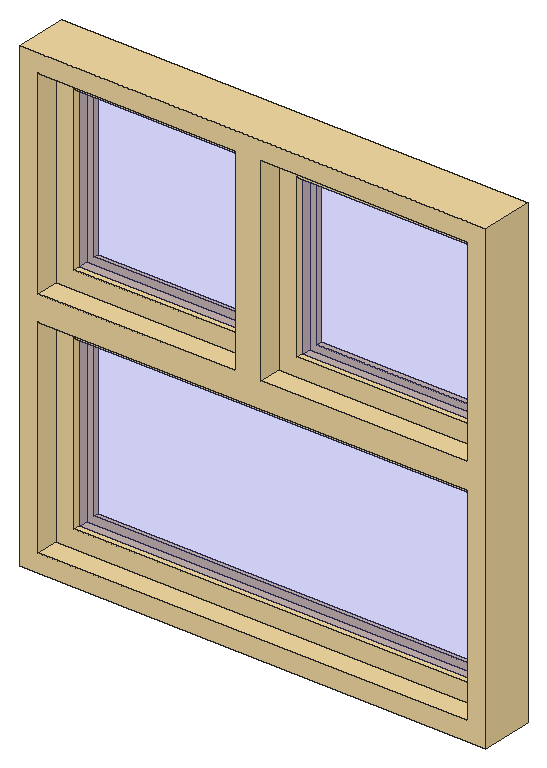
Revit family "9716-COto 62", category Windows, host Wall, Revit 2016
Family settings
  Host = Wall
  OmniClass Number = 23.30.20.00
  OmniClass Title = Windows
  Always vertical = Yes
  Cut with Voids When Loaded = No
  Shared = No
  Room Calculation Point = No
Parameters (values of type "1188x1188mm")
  top 3 [instance] = yes
  top 2 [instance] = yes
  top 1 [instance] = yes
  right 2 [instance] = no
  right 1 [instance] = no
  right 3 [instance] = no
  left 3 [instance] = no
  left 2 [instance] = no
  left 1 [instance] = no
  Sash 3 [instance] = or(top 3, right 3, left 3)  # yes
  Sash 2 [instance] = or(top 2, right 2, left 2)  # yes
  Sash 1 [instance] = or(top 1, right 1, left 1)  # yes
  Rough Width = Width + 2 * Joint  # 1212 mm
  Rough Height = Height + 2 * Joint  # 1212 mm
  Offset from wall = 40 mm
  Mullion 2 Placement = 594 mm
  Mullion 1 Placement = 594 mm
  Manufacturer = "www.kronevinduer.dk"
  Joint = 12 mm
  Height = 1188 mm
  Frame 176mm [instance] = no
  Frame 157mm [instance] = no
  Default Sill Height = 800 mm
  Wall Closure = By host
  Width = 1188 mm
Reference planes
  plane 1 "Center (Front/Back)": y = 0
  plane 2 "Center (Left/Right)": x = 0
  plane 3 "Left": x = -594
  plane 4 "Right": x = 594
  plane 5 "Sill": z = 800
  plane 6 "Head": z = 1988
  plane 7 "Exterior": y = 100
  plane 8 "Interior": y = -100
  plane 9: y = 60
  plane 10: x = 582
  plane 11: x = -582
  plane 12: z = 812
  plane 13: z = 1976
  plane 14: x = -12
  plane 15: z = 1406
  plane 16: x = 285
  plane 17: x = -297
  plane 18: z = 1109
  plane 19: z = 1394
  plane 20: z = 1691
Forms (mm)
  Sweep 1, solid, material "Wood frame"
    path origin (0, 100, 0) x (1, 0, 0) y (0, 0, 1)
      loop
        line (582, 812) -> (582, 1976) -> (-582, 1976) -> (-582, 812) -> (582, 812)
    profile "COto 62 træ-alu,karm- fast glas 45mm : COto 62 træ-alu,karm- fast glas 45mm" origin (0, 100, 812) x (0, 0, -1) y (0, -1, 0)
      loop
        line (0, 170) -> (-45, 170) -> (-45, 99) -> (-27, 99) -> (-27, 51) -> (-45, 51) -> (-45, 40) -> (0, 40) -> (0, 170)
  Sweep 2, solid, material "Wood frame", visible <- "Frame 157mm"
    path origin (0, 100, 0) x (1, 0, 0) y (0, 0, 1)
      loop
        line (582, 812) -> (582, 1976) -> (-582, 1976) -> (-582, 812) -> (582, 812)
    profile "COto 62 træ-alu,karm- fast glas 45mm-157 : COto 62 træ-alu,karm- fast glas 45mm-157" origin (0, 100, 812) x (0, 0, -1) y (0, -1, 0)
      loop
        line (0, 197) -> (-45, 197) -> (-45, 99) -> (-27, 99) -> (-27, 51) -> (-45, 51) -> (-45, 40) -> (0, 40) -> (0, 197)
  Sweep 3, solid, material "Wood frame", visible <- "Frame 176mm"
    path origin (0, 100, 0) x (1, 0, 0) y (0, 0, 1)
      loop
        line (582, 812) -> (582, 1976) -> (-582, 1976) -> (-582, 812) -> (582, 812)
    profile "COto 62 træ-alu,karm- fast glas 45mm-176 : COto 62 træ-alu,karm- fast glas 45mm-176" origin (0, 100, 812) x (0, 0, -1) y (0, -1, 0)
      loop
        line (0, 216) -> (-45, 216) -> (-45, 99) -> (-27, 99) -> (-27, 51) -> (-45, 51) -> (-45, 40) -> (0, 40) -> (0, 216)
  Extrusion 4, solid, material "Glass"
    sketch origin (-594, 0, 0) x (0, -1, 0) y (0, 0, 1)
      loop
        line (-49, 839) -> (-1, 839) -> (-1, 1949) -> (-49, 1949) -> (-49, 839)
    from -1149 to -39
  Sweep 5, solid, material "Wood frame"
    path origin (0, 100, 0) x (1, 0, 0) y (0, 0, 1)
      loop
        line (582, 1406) -> (-582, 1406)
    profile "COto 62 træ-alu, Post-fast glas 63 mm : COto 62 træ-alu, Post-fast glas 63 mm" origin (0, 100, 1406) x (0, 0, -1) y (0, -1, 0)
      loop
        line (31.5, 170) -> (-31.5, 170) -> (-31.5, 99) -> (-13.5, 99) -> (-13.5, 51) -> (-31.5, 51) -> (-31.5, 40) -> (31.5, 40) -> (31.5, 51) -> (13.5, 51) -> (13.5, 99) -> (31.5, 99) -> (31.5, 170)
  Sweep 6, solid, material "Wood frame", visible <- "Frame 157mm"
    path origin (0, 100, 0) x (1, 0, 0) y (0, 0, 1)
      loop
        line (582, 1406) -> (-582, 1406)
    profile "COto 62 træ-alu, Post-fast glas 63 mm-157 : COto 62 træ-alu, Post-fast glas 63 mm-157" origin (0, 100, 1406) x (0, 0, -1) y (0, -1, 0)
      loop
        line (31.5, 197) -> (-31.5, 197) -> (-31.5, 99) -> (-13.5, 99) -> (-13.5, 51) -> (-31.5, 51) -> (-31.5, 40) -> (31.5, 40) -> (31.5, 51) -> (13.5, 51) -> (13.5, 99) -> (31.5, 99) -> (31.5, 197)
  Sweep 7, solid, material "Wood frame", visible <- "Frame 176mm"
    path origin (0, 100, 0) x (1, 0, 0) y (0, 0, 1)
      loop
        line (582, 1406) -> (-582, 1406)
    profile "COto 62 træ-alu, Post-fast glas 63 mm-176 : COto 62 træ-alu, Post-fast glas 63 mm-176" origin (0, 100, 1406) x (0, 0, -1) y (0, -1, 0)
      loop
        line (31.5, 216) -> (-31.5, 216) -> (-31.5, 99) -> (-13.5, 99) -> (-13.5, 51) -> (-31.5, 51) -> (-31.5, 40) -> (31.5, 40) -> (31.5, 51) -> (13.5, 51) -> (13.5, 99) -> (31.5, 99) -> (31.5, 216)
  Sweep 8, solid, material "Wood frame"
    path origin (0, 100, 0) x (1, 0, 0) y (0, 0, 1)
      loop
        line (-12, 1406) -> (-12, 1976)
    profile "COto 62 træ-alu, Post-fast glas 63 mm : COto 62 træ-alu, Post-fast glas 63 mm" origin (-12, 100, 1691) x (-1, 0, 0) y (0, -1, 0)
      loop
        line (31.5, 170) -> (-31.5, 170) -> (-31.5, 99) -> (-13.5, 99) -> (-13.5, 51) -> (-31.5, 51) -> (-31.5, 40) -> (31.5, 40) -> (31.5, 51) -> (13.5, 51) -> (13.5, 99) -> (31.5, 99) -> (31.5, 170)
  Sweep 9, solid, material "Wood frame", visible <- "Frame 157mm"
    path origin (0, 100, 0) x (1, 0, 0) y (0, 0, 1)
      loop
        line (-12, 1976) -> (-12, 1406)
    profile "COto 62 træ-alu, Post-fast glas 63 mm-157 : COto 62 træ-alu, Post-fast glas 63 mm-157" origin (-12, 100, 1691) x (1, 0, 0) y (0, -1, 0)
      loop
        line (31.5, 197) -> (-31.5, 197) -> (-31.5, 99) -> (-13.5, 99) -> (-13.5, 51) -> (-31.5, 51) -> (-31.5, 40) -> (31.5, 40) -> (31.5, 51) -> (13.5, 51) -> (13.5, 99) -> (31.5, 99) -> (31.5, 197)
  Sweep 10, solid, material "Wood frame", visible <- "Frame 176mm"
    path origin (0, 100, 0) x (1, 0, 0) y (0, 0, 1)
      loop
        line (-12, 1976) -> (-12, 1406)
    profile "COto 62 træ-alu, Post-fast glas 63 mm-176 : COto 62 træ-alu, Post-fast glas 63 mm-176" origin (-12, 100, 1691) x (1, 0, 0) y (0, -1, 0)
      loop
        line (31.5, 216) -> (-31.5, 216) -> (-31.5, 99) -> (-13.5, 99) -> (-13.5, 51) -> (-31.5, 51) -> (-31.5, 40) -> (31.5, 40) -> (31.5, 51) -> (13.5, 51) -> (13.5, 99) -> (31.5, 99) -> (31.5, 216)
  Sweep 11, solid, material "Wood frame", visible <- "Sash 1"
    path origin (0, 100, 0) x (1, 0, 0) y (0, 0, 1)
      loop
        line (555, 839) -> (555, 1392.5) -> (-555, 1392.5) -> (-555, 839) -> (555, 839)
    profile "COto 62 træ-alu,opluk-ramme : COto 62 træ-alu,opluk-ramme" origin (0, 100, 839) x (0, 0, -1) y (0, -1, 0)
      loop
        line (0, 99) -> (-18, 99) -> (-18, 114) -> (-63, 114) -> (-63, 99) -> (-45, 99) -> (-45, 51) -> (-63, 51) -> (-63, 40) -> (0, 40) -> (0, 99)
  Sweep 12, solid, material "Wood frame", visible <- "Sash 2"
    path origin (0, 100, 0) x (1, 0, 0) y (0, 0, 1)
      loop
        line (555, 1419.5) -> (555, 1949) -> (1.5, 1949) -> (1.5, 1419.5) -> (555, 1419.5)
    profile "COto 62 træ-alu,opluk-ramme : COto 62 træ-alu,opluk-ramme" origin (278.25, 100, 1419.5) x (0, 0, -1) y (0, -1, 0)
      loop
        line (0, 99) -> (-18, 99) -> (-18, 114) -> (-63, 114) -> (-63, 99) -> (-45, 99) -> (-45, 51) -> (-63, 51) -> (-63, 40) -> (0, 40) -> (0, 99)
  Sweep 13, solid, material "Wood frame", visible <- "Sash 3"
    path origin (0, 100, 0) x (1, 0, 0) y (0, 0, 1)
      loop
        line (-25.5, 1419.5) -> (-25.5, 1949) -> (-555, 1949) -> (-555, 1419.5) -> (-25.5, 1419.5)
    profile "COto 62 træ-alu,opluk-ramme : COto 62 træ-alu,opluk-ramme" origin (-290.25, 100, 1419.5) x (0, 0, -1) y (0, -1, 0)
      loop
        line (0, 99) -> (-18, 99) -> (-18, 114) -> (-63, 114) -> (-63, 99) -> (-45, 99) -> (-45, 51) -> (-63, 51) -> (-63, 40) -> (0, 40) -> (0, 99)
Cuts and joins
  joined: Sweep 1, Sweep 5, Sweep 8
  joined: Sweep 2, Sweep 6, Sweep 9
  joined: Sweep 3, Sweep 7, Sweep 10
Lines and regions (mm)
  Opening 1
    outline origin (3500, -100, 0) x (1, 0, 0) y (0, 0, 1)
      loop
        line (-2906, 800) -> (-2906, 1988) -> (-4094, 1988) -> (-4094, 800) -> (-2906, 800)
  symbolic lines, visible <- "top 2"
    curve 1: line (555, 100, 1949) -> (285, 100, 1419.5)
    curve 2: line (285, 100, 1419.5) -> (1.5, 100, 1949)
  symbolic lines, visible <- "top 3"
    curve 3: line (-25.5, 100, 1949) -> (-297, 100, 1419.5)
    curve 4: line (-297, 100, 1419.5) -> (-555, 100, 1949)
  symbolic lines, visible <- "top 1"
    curve 5: line (555, 100, 1392.5) -> (0, 100, 839)
    curve 6: line (0, 100, 839) -> (-555, 100, 1392.5)
  symbolic lines
    curve 7: line (555, 100, 1949) -> (555, 100, 1691)
  symbolic lines, visible <- "left 1"
    curve 8: line (555, 100, 1392.5) -> (-555, 100, 1109)
    curve 9: line (-555, 100, 1109) -> (555, 100, 839)
  symbolic lines, visible <- "right 1"
    curve 10: line (-555, 100, 1392.5) -> (555, 100, 1109)
    curve 11: line (555, 100, 1109) -> (-555, 100, 839)
  symbolic lines, visible <- "right 2"
    curve 12: line (1.5, 100, 1949) -> (555, 100, 1691)
    curve 13: line (555, 100, 1691) -> (1.5, 100, 1419.5)
  symbolic lines, visible <- "left 2"
    curve 14: line (555, 100, 1949) -> (1.5, 100, 1691)
    curve 15: line (1.5, 100, 1691) -> (555, 100, 1419.5)
  symbolic lines, visible <- "left 3"
    curve 16: line (-25.5, 100, 1949) -> (-555, 100, 1691)
    curve 17: line (-555, 100, 1691) -> (-25.5, 100, 1419.5)
  symbolic lines, visible <- "right 3"
    curve 18: line (-555, 100, 1949) -> (-25.5, 100, 1691)
    curve 19: line (-25.5, 100, 1691) -> (-555, 100, 1419.5)
Text (mm)
  text "EXTERIOR" at (-1963.203, 1332.353, 0), in view "Ref. Level"
  text "INTERIOR" at (-1981.466, -818.386, 0), in view "Ref. Level"
  text "Exterior" at (0, 923.751, 2943.296), in view "Right"
  text "Exterior" at (0, 1040.484, 2685.409), in view "Left"
Dimensions and locks
  equal spacing: plane 3 "Left", plane 2 "Center (Left/Right)", plane 4 "Right"
  "Width": plane 3 "Left" to plane 4 "Right"
  "Height": plane 5 "Sill" to plane 6 "Head"
  "Default Sill Height": plane 5 "Sill" to level
  locked: plane 7 "Exterior" to host wall at 0
  locked: plane 8 "Interior" to host wall
  "Joint": plane 13 to plane 6 "Head"
  "Joint": plane 5 "Sill" to plane 12
  "Joint": plane 3 "Left" to plane 11
  "Joint": plane 10 to plane 4 "Right"
  "Offset from wall": plane 9 to plane 7 "Exterior"
  "Mullion 2 Placement": plane 14 to plane 10
  "Mullion 1 Placement": plane 12 to plane 15
  equal spacing: plane 14, plane 16, plane 10
  equal spacing: plane 12, plane 18, plane 15
  equal spacing: plane 11, plane 17, plane 14
  equal spacing: plane 12, plane 19, plane 13
  equal spacing: plane 15, plane 20, plane 13
  aligned and locked: plane 12 to Sweep 1 sketch curve
  aligned and locked: plane 10 to Sweep 1 sketch curve
  aligned and locked: Sweep 1 sketch curve to plane 13
  aligned and locked: Sweep 1 sketch curve to plane 11
  aligned and locked: Extrusion 4 sketch curve to Sweep 1  (x2)
  aligned and locked: Extrusion 4 to Sweep 1  (x4)
  aligned and locked: plane 15 to Sweep 5 sketch curve
  aligned and locked: Sweep 11 sketch curve to Extrusion 4  (x2)
  aligned and locked: Sweep 11 sketch curve to cut or joined group of Sweep 1, Sweep 5, Sweep 8  (x2)
  aligned and locked: Sweep 12 sketch curve to cut or joined group of Sweep 1, Sweep 5, Sweep 8  (x3)
  aligned and locked: cut or joined group of Sweep 1, Sweep 5, Sweep 8 to Sweep 12 sketch curve
  aligned and locked: cut or joined group of Sweep 1, Sweep 5, Sweep 8 to Sweep 13 sketch curve
  aligned and locked: Sweep 13 sketch curve to cut or joined group of Sweep 1, Sweep 5, Sweep 8
  aligned and locked: Sweep 13 sketch curve to Extrusion 4  (x2)
Automatic sketch dimensions
  Opening 1 sketch curve to plane 3 "Left" = 0 mm
  Opening 1 sketch curve to plane 4 "Right" = 0 mm
  Opening 1 sketch curve to plane 5 "Sill" = 0 mm
  Opening 1 sketch curve to plane 6 "Head" = 0 mm
  plane 11 to Sweep 2 sketch curve = 0 mm
  plane 10 to Sweep 2 sketch curve = 0 mm
  Sweep 2 sketch curve to plane 12 = 0 mm
  Sweep 2 sketch curve to plane 13 = 0 mm
  plane 11 to Sweep 3 sketch curve = 0 mm
  plane 10 to Sweep 3 sketch curve = 0 mm
  Sweep 3 sketch curve to plane 12 = 0 mm
  Sweep 3 sketch curve to plane 13 = 0 mm
  Extrusion 4 sketch curve to plane 5 "Sill" = 39 mm
  plane 6 "Head" to Extrusion 4 sketch curve = 39 mm
  plane 11 to Sweep 5 sketch curve = 0 mm
  plane 10 to Sweep 5 sketch curve = 0 mm
  plane 11 to Sweep 6 sketch curve = 0 mm
  plane 10 to Sweep 6 sketch curve = 0 mm
  Sweep 6 sketch curve to plane 15 = 0 mm
  plane 11 to Sweep 7 sketch curve = 0 mm
  plane 10 to Sweep 7 sketch curve = 0 mm
  Sweep 7 sketch curve to plane 15 = 0 mm
  Sweep 8 sketch curve to plane 13 = 0 mm
  plane 14 to Sweep 8 sketch curve = 0 mm
  Sweep 8 sketch curve to plane 15 = 0 mm
  plane 14 to Sweep 9 sketch curve = 0 mm
  Sweep 9 sketch curve to plane 15 = 0 mm
  Sweep 9 sketch curve to plane 13 = 0 mm
  plane 14 to Sweep 10 sketch curve = 0 mm
  Sweep 10 sketch curve to plane 15 = 0 mm
  Sweep 10 sketch curve to plane 13 = 0 mm
  curve 17 to plane 20 = 0 mm
  curve 9 to plane 18 = 0 mm
  plane 17 to curve 4 = 0 mm
  plane 2 "Center (Left/Right)" to curve 5 = 0 mm
  curve 18 to plane 20 = 0 mm
  curve 15 to plane 20 = 0 mm
  plane 16 to curve 1 = 0 mm
  curve 11 to plane 18 = 0 mm
  curve 7 to plane 20 = 0 mm
  curve 6 to plane 11 = 27 mm
  curve 8 to plane 11 = 27 mm
  curve 4 to plane 11 = 27 mm
  curve 16 to plane 11 = 27 mm
  plane 14 to curve 3 = 13.5 mm
  curve 15 to plane 14 = 13.5 mm
  curve 2 to plane 14 = 13.5 mm
  plane 10 to curve 5 = 27 mm
  plane 10 to curve 11 = 27 mm
  plane 10 to curve 14 = 27 mm
  plane 12 to curve 5 = 27 mm
  curve 5 to plane 15 = 13.5 mm
  curve 10 to plane 15 = 13.5 mm
  plane 15 to curve 4 = 13.5 mm
  plane 15 to curve 2 = 13.5 mm
  curve 3 to plane 13 = 27 mm
  curve 4 to plane 13 = 27 mm
  curve 12 to curve 3 = 0 mm
  curve 7 to plane 13 = 27 mm
  curve 11 to plane 11 = 27 mm
  curve 19 to curve 6 = 0 mm
  plane 14 to curve 19 = 13.5 mm
  plane 14 to curve 17 = 13.5 mm
  curve 13 to plane 14 = 13.5 mm
  plane 10 to curve 9 = 27 mm
  plane 10 to curve 15 = 27 mm
  plane 12 to curve 11 = 27 mm
  plane 12 to curve 9 = 27 mm
  plane 15 to curve 13 = 13.5 mm
  plane 15 to curve 17 = 13.5 mm
  plane 15 to curve 15 = 13.5 mm
  plane 15 to curve 19 = 13.5 mm
